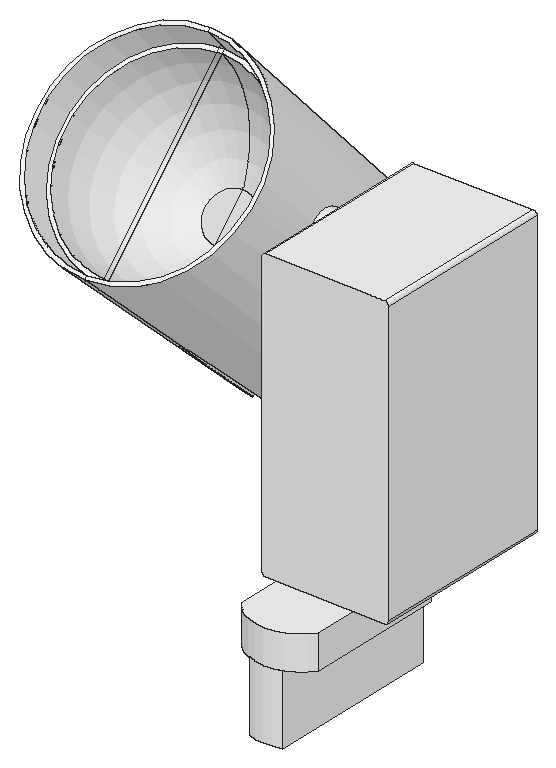
Revit family "0004933 Feilo Sylvania Lighting Fixture START TRACK SPOT S DALI 2141LM 940 MB WHT", category Lighting Fixtures, host Face, Revit 2017 (continued)
Definition of nested family "Start Track Spot Head"
  Types (96, lengths in mm): name | Wattage | built-in parameter 1150134 | Photometric Web File | Model | built-in parameter 1150105 | Lumens | built-in parameter 1150107 | built-in parameter 1150106 | HeadThickness_FEILO | HeadRibOffset_FEILO | HeadRibDepth_FEILO | HeadRibCutWidth_FEILO | HeadRibCutOffset_FEILO | HeadReflectorRadius_FEILO | HeadReflectorOffset_FEILO | HeadLEDRadius_FEILO | HeadHeight_FEILO | HeadDiffusorOffset_FEILO | HeadDiaOut_FEILO | HeadDiaIn_FEILO | HeadAxisFromTop_FEILO | Emit from Circle Diameter | built-in parameter 1150104 | Description | Apparent Load
    0004812 START TRACK SPOT S 14W 3K RA80 MB WHITE | 14 W | (empty or 0) | "0004812.ies" | "START TRACK SPOT S 14W 3K RA80 MB WHITE" | 120.32 (stored number, unit not read) | 1512 lm | 3000 (stored number, unit not read) | 1.2032 (stored number, unit not read) | 1.5 | 4.179 | 55.714 | 7.167 | 50.87 | 50.588 | 55.714 | 9.556 | 117 | 9.435 | 86 | 77.477 | 69.354 | 77.477 | 10.034 (stored number, unit not read) | "Integrated LED spotlight, Textured White - RAL9016, compact and minimalist design, ideal for retail applications, die-cast aluminium body, passive cooling heatsink. Beam angle: 36°, color temperature: 3000K , total system power: 14W, total fixture output: 1508 lm, LOR: 100%, colour rendering: Ra: 80 typical, LED Chromaticity: 3 step MacAdam ellipse, lifetime: >50000 hours at L70B50, energy class: A++, A+, A, IR/UV free light source without heat radiation, operating voltage: 220-240V / 50-60Hz, drive current: 350mA, electronic driver, non-dimmable, power factor: 0.92, electrical protection: Class II, Global Track 3 Phase adapter suitable for Global trac 3-circuit tracks, ingress protection rating: IP20, suitable for internal environment only, horizontal rotation: 355°, vertical tilt: 90°, dimensions: Ø86x140x200, weight: 0.940kg." | 14 VA
    0004811 START TRACK SPOT S 14W 3K RA80 NB WHITE | 14 W | (empty or 0) | "0004811.ies" | "START TRACK SPOT S 14W 3K RA80 NB WHITE" | 123.66 (stored number, unit not read) | 1554 lm | 3000 (stored number, unit not read) | 1.2366 (stored number, unit not read) | 1.5 | 4.179 | 55.714 | 7.167 | 50.87 | 50.588 | 55.714 | 9.556 | 117 | 9.435 | 86 | 77.477 | 69.354 | 77.477 | 10.312 (stored number, unit not read) | "Integrated LED spotlight, Textured White - RAL9016, compact and minimalist design, ideal for retail applications, die-cast aluminium body, passive cooling heatsink. Beam angle: 12°, color temperature: 3000K , total system power: 14W, total fixture output: 1551 lm, LOR: 100%, colour rendering: Ra: 80 typical, LED Chromaticity: 3 step MacAdam ellipse, lifetime: >50000 hours at L70B50, energy class: A++, A+, A, IR/UV free light source without heat radiation, operating voltage: 220-240V / 50-60Hz, drive current: 350mA, electronic driver, non-dimmable, power factor: 0.92, electrical protection: Class II, Global Track 3 Phase adapter suitable for Global trac 3-circuit tracks, ingress protection rating: IP20, suitable for internal environment only, horizontal rotation: 355°, vertical tilt: 90°, dimensions: Ø86x140x200, weight: 0.940kg." | 14 VA
  Reference planes
    plane 1 "Center (Front/Back)": y = 0
    plane 2: z = 0
    plane 3 "Center (Left/Right)": x = 0
    plane 4: x = 43
    plane 5: x = -43
    plane 6: x = -38.739
    plane 7: x = 38.739
    plane 8: z = 69.354
    plane 9: z = -47.646
    plane 10: x = -41.5
    plane 11: x = -37.239
    plane 12: z = -38.211
    plane 13: z = -35.211
    plane 14: z = 8.068
    plane 15: x = -9.556
    plane 16: x = -28.667
    plane 17: x = -19.111
    plane 18: x = -27.167
    plane 19: x = -17.611
    plane 20: x = -8.056
    plane 21: z = 13.64
    plane 22: x = -29.667
    plane 23: x = -26.167
    plane 24: x = -20.111
    plane 25: x = -16.611
    plane 26: x = -10.556
    plane 27: x = -7.056
    plane 28: x = -36.239
    plane 29: x = -40.5
    plane 30: z = 65.175
    plane 31: z = 60.997
    plane 32: z = 56.818
    plane 33: z = 18.484
    plane 34: y = -43
    plane 35: y = 43
    plane 36: y = 3.583
    plane 37: y = -3.583
    plane 38: y = -2.583
    plane 39: y = 2.583
    plane 40: y = 46
    plane 41: z = 13.5
    plane 42: z = -13.5
    plane 43: y = 39
    plane 44: x = 4.708
    plane 45: x = -2.458
    plane 46: x = -1.458
    plane 47: x = 1.458
  Forms (mm)
    Extrusion 1, solid
      sketch origin (4.2, 0, 0) x (1, 0, 0) y (0, 1, 0)
        loop
          line (-1219.2, 1219.2) -> (-1219.2, -1219.2) -> (1219.2, -1219.2) -> (1219.2, 1219.2) -> (-1219.2, 1219.2)
      from 0 to -68.017
    Revolve 2, solid, material <- "Material_1_FEILO", detail levels medium+fine
      sketch origin (0, 0, 0) x (1, 0, 0) y (0, 0, 1)
        loop
          line (-43, -47.646) -> (-41.5, -47.646) -> (-40.5, -35.211) -> (-38.739, -35.211)
          arc (-38.739, -35.211) -> (-30.16, -9.517) -> (-9.556, 8.068) r 50.588
          line (-9.556, 8.068) -> (0, 8.068) -> (0, 13.64) -> (-16.611, 13.64) -> (-17.611, 60.997) -> (-19.111, 60.997) -> (-20.111, 13.64) -> (-36.239, 13.64) -> (-37.239, 69.354) -> (-38.739, 69.354) -> (-43, -47.646)
        axis (0, 69.354) -> (0, -47.646)
      angle from 360 to 0
    Extrusion 3, void
      sketch origin (0, 0, 0) x (0, 1, 0) y (0, 0, 1)
        loop
          line (-3.583, 69.354) -> (-2.583, 18.484) -> (1.932, 18.484) -> (2.932, 69.354) -> (-3.583, 69.354)
      from 43 to -43
    Revolve 4, solid, material <- "Material_2_FEILO", detail levels medium+fine
      sketch origin (0, 0, 0) x (1, 0, 0) y (0, 0, 1)
        loop
          line (-41.5, -38.211) -> (0, -38.211) -> (0, -35.211) -> (-41.5, -35.211) -> (-41.5, -38.211)
        axis (0, -35.211) -> (0, -38.211)
      angle from 360 to 0
    Revolve 5, solid, material <- "Material_1_FEILO"
      sketch origin (0, 0, 0) x (0, 1, 0) y (0, 0, 1)
        loop
          line (46, 0) -> (39, 0) -> (39, -13.5) -> (46, -13.5) -> (46, 0)
        axis (39, 0) -> (46, 0)
      angle from 360 to 0
    Revolve 6, solid, material <- "Material_1_FEILO", detail levels medium+fine
      sketch origin (0, 0, 0) x (1, 0, 0) y (0, 0, 1)
        loop
          line (-29.667, 13.64) -> (-26.167, 13.64) -> (-27.167, 65.175) -> (-28.667, 65.175) -> (-29.667, 13.64)
        loop
          line (-10.556, 13.64) -> (-7.056, 13.64) -> (-7.833, 56.818) -> (-9.778, 56.818) -> (-10.556, 13.64)
        axis (0, 65.175) -> (0, 13.64)
      angle from 360 to 0
    Extrusion 7, void
      sketch origin (0, 0, 0) x (1, 0, 0) y (0, 0, 1)
        loop
          line (4.708, 69.354) -> (-2.458, 69.354) -> (-1.458, 13.64) -> (1.458, 13.64) -> (4.708, 69.354)
      from -43 to 43
    Revolve 8, solid, material <- "Material_1_FEILO", detail levels coarse
      sketch origin (0, 0, 0) x (1, 0, 0) y (0, 0, 1)
        loop
          line (0, 69.354) -> (-38.739, 69.354) -> (-43, -47.646) -> (-41.5, -47.646) -> (-40.731, -38.211) -> (0, -38.211) -> (0, 69.354)
        axis (0, 69.354) -> (0, -47.646)
      angle from 360 to 0
  Cuts and joins
    Extrusion 3 cuts Revolve 2
    Extrusion 7 cuts Revolve 6
  Dimensions and locks
    equal spacing: plane 7, plane 3 "Center (Left/Right)", plane 6
    equal spacing: plane 4, plane 3 "Center (Left/Right)", plane 5
    "HeadDiaOut_FEILO": plane 4 to plane 5
    "HeadDiaIn_FEILO": plane 7 to plane 6
    "HeadHeight_FEILO": plane 8 to plane 9
    "HeadThickness_FEILO": plane 10 to plane 5
    "HeadThickness_FEILO": plane 11 to plane 6
    "HeadDiffusorOffset_FEILO": plane 12 to plane 9
    "HeadDiffusorThickness_FEILO": plane 13 to plane 12
    "HeadReflectorOffset_FEILO": plane 14 to plane 9
    "HeadLEDRadius_FEILO": plane 3 "Center (Left/Right)" to plane 15
    "HeadLEDRadius_FEILO": plane 15 to plane 17
    "HeadLEDRadius_FEILO": plane 17 to plane 16
    "HeadThickness_FEILO": plane 18 to plane 16
    "HeadThickness_FEILO": plane 19 to plane 17
    "HeadThickness_FEILO": plane 20 to plane 15
    "HeadRibDepth_FEILO": plane 8 to plane 21
    "HeadDraft_FEILO": plane 16 to plane 22
    "HeadDraft_FEILO": plane 23 to plane 18
    "HeadDraft_FEILO": plane 17 to plane 24
    "HeadDraft_FEILO": plane 25 to plane 19
    "HeadDraft_FEILO": plane 15 to plane 26
    "HeadDraft_FEILO": plane 27 to plane 20
    "HeadDraft_FEILO": plane 29 to plane 10
    "HeadDraft_FEILO": plane 28 to plane 11
    "HeadRibOffset_FEILO": plane 8 to plane 30
    "HeadRibOffset_FEILO": plane 30 to plane 31
    "HeadRibOffset_FEILO": plane 31 to plane 32
    "HeadAxisFromTop_FEILO": plane 8 to plane 2
    "HeadRibCutOffset_FEILO": plane 8 to plane 33
    equal spacing: plane 34, plane 1 "Center (Front/Back)", plane 35
    "HeadDiaOut_FEILO": plane 34 to plane 35
    equal spacing: plane 38, plane 1 "Center (Front/Back)", plane 39
    equal spacing: plane 37, plane 1 "Center (Front/Back)", plane 36
    "HeadRibCutWidth_FEILO": plane 37 to plane 36
    "HeadDraft_FEILO": plane 37 to plane 38
    locked: plane 35 to plane 40 at 3
    equal spacing: plane 41, plane 2, plane 42
    locked: plane 42 to plane 41 at 27
    locked: plane 43 to plane 35 at 4
    equal spacing: plane 45, imposter light, plane 44
    "HeadDraft_FEILO": plane 46 to plane 45
    "HeadRibCutWidth_FEILO": plane 44 to plane 45
    equal spacing: plane 47, plane 3 "Center (Left/Right)", plane 46
    "HeadReflectorRadius_FEILO": radius of Revolve 2 sketch curve
    aligned and locked: plane 2 to Extrusion 1
    aligned and locked: level to Extrusion 1
    aligned and locked: Revolve 2 sketch curve to plane 3 "Center (Left/Right)"  (x2)
    aligned and locked: plane 9 to Revolve 2 sketch curve  (x2)
    aligned and locked: plane 5 to Revolve 2 sketch curve
    aligned and locked: plane 10 to Revolve 2 sketch curve
    aligned and locked: plane 14 to Revolve 2 sketch curve
    aligned and locked: plane 8 to Revolve 2 sketch curve
    aligned and locked: Revolve 2 sketch curve to plane 13
    aligned and locked: plane 12 to Revolve 4 sketch curve
    aligned and locked: plane 3 "Center (Left/Right)" to Revolve 4 sketch curve
    aligned and locked: Revolve 4 sketch curve to plane 10
    aligned and locked: Revolve 4 sketch curve to plane 3 "Center (Left/Right)"
    aligned and locked: plane 12 to imposter light
    aligned and locked: imposter light to plane 1 "Center (Front/Back)"
    aligned and locked: Revolve 5 sketch curve to plane 2
    aligned and locked: plane 43 to Revolve 5 sketch curve
    aligned and locked: plane 42 to Revolve 5 sketch curve
    aligned and locked: Revolve 6 sketch curve to plane 3 "Center (Left/Right)"
    aligned and locked: plane 22 to Revolve 6 sketch curve
    aligned and locked: plane 30 to Revolve 6 sketch curve
    aligned and locked: plane 23 to Revolve 6 sketch curve
    aligned and locked: Revolve 6 sketch curve to plane 21  (x2)
    aligned and locked: plane 21 to Revolve 6 sketch curve
    aligned and locked: plane 17 to Revolve 2 sketch curve
    aligned and locked: plane 19 to Revolve 2 sketch curve
    aligned and locked: plane 31 to Revolve 2 sketch curve
    aligned and locked: plane 21 to Revolve 2 sketch curve
    aligned and locked: Extrusion 3 to plane 8
    aligned and locked: plane 33 to Extrusion 3
    aligned and locked: plane 8 to Extrusion 3 sketch curve
    aligned and locked: Extrusion 3 sketch curve to plane 33
    aligned and locked: Extrusion 3 to plane 5
    aligned and locked: plane 4 to Extrusion 3
    aligned and locked: plane 32 to Revolve 6 sketch curve
    aligned and locked: plane 44 to Extrusion 7 sketch curve
    aligned and locked: Extrusion 7 sketch curve to plane 8
    aligned and locked: plane 46 to Extrusion 7 sketch curve
    aligned and locked: plane 21 to Extrusion 7 sketch curve
    aligned and locked: plane 34 to Extrusion 7
    aligned and locked: Extrusion 7 to plane 35
    aligned and locked: Revolve 4 sketch curve to plane 13
    aligned and locked: Revolve 5 sketch curve to plane 40
    aligned and locked: Revolve 8 sketch curve to plane 3 "Center (Left/Right)"
    aligned and locked: Revolve 8 sketch curve to cut or joined group of Revolve 2, Extrusion 3  (x3)
    aligned and locked: plane 5 to Revolve 8 sketch curve
    aligned and locked: plane 3 "Center (Left/Right)" to Revolve 8 sketch curve
    aligned and locked: plane 12 to Revolve 8 sketch curve
  Automatic sketch dimensions
    Extrusion 1 sketch curve to Extrusion 1 sketch curve = 2438.4 mm  (x2)
    Extrusion 3 sketch curve to plane 37 = 0 mm
    Extrusion 3 sketch curve to plane 38 = 0 mm
    plane 39 to Extrusion 3 sketch curve = 0.651 mm
    Extrusion 3 sketch curve to plane 39 = 0.349 mm
    Revolve 6 sketch curve to plane 16 = 0 mm
    Revolve 6 sketch curve to plane 18 = 0 mm
    Revolve 6 sketch curve to plane 26 = 0 mm
    Revolve 6 sketch curve to plane 27 = 0 mm
    Revolve 6 sketch curve to plane 15 = 0.222 mm
    plane 9 to Revolve 6 sketch curve = 559.103 mm
    Revolve 6 sketch curve to plane 8 = 2535.555 mm
    plane 20 to Revolve 6 sketch curve = 0.222 mm
    Revolve 2 sketch curve to plane 29 = 0 mm
    Revolve 2 sketch curve to plane 6 = 0 mm  (x2)
    Revolve 2 sketch curve to plane 11 = 0 mm
    Revolve 2 sketch curve to plane 21 = 0 mm
    Revolve 2 sketch curve to plane 28 = 0 mm
    Revolve 2 sketch curve to plane 24 = 0 mm
    Revolve 2 sketch curve to plane 25 = 0 mm
    Revolve 2 sketch curve to plane 15 = 0 mm
    Revolve 2 sketch curve to Revolve 2 sketch curve = 557.155 mm
    Revolve 2 sketch curve to plane 8 = 2535.558 mm
    Extrusion 7 sketch curve to plane 45 = 0 mm
    Extrusion 7 sketch curve to plane 47 = 0 mm
    plane 9 to Revolve 4 sketch curve = 559.103 mm
    Revolve 4 sketch curve to plane 8 = 2535.555 mm
    Revolve 5 sketch curve to level = 0 mm
    plane 34 to Revolve 5 sketch curve = 1968.092 mm
    Revolve 5 sketch curve to plane 40 = 1405.763 mm
    Revolve 8 sketch curve to plane 6 = 0 mm
    Revolve 8 sketch curve to plane 29 = 0.231 mm
    plane 9 to Revolve 8 sketch curve = 559.103 mm
    Revolve 8 sketch curve to Revolve 8 sketch curve = 2535.555 mm
Definition of nested family "Start Track Spot Box"
  Parameters (values of type "Type Large White")
    URL = "http://www.feilosylvania.com"
    Type Image = (empty or 0)
    Type Comments = "n/a"
    Small_FEILO = no
    Material_3_FEILO = none
    Model = ""
    Manufacturer = "Feilo Sylvania"
    Keynote = ""
    Material_2_FEILO = none
    Description = ""
    Default Elevation = 1219.2 mm
    Cost = 0
    Material_1_FEILO = none
    BoxWidth_FEILO = 49 mm
    BoxStartAngle_FEILO [instance] = 0.00°
    BoxRadius_FEILO = 1.5 mm
    BoxHeight_FEILO = if(Small_FEILO, 112 mm, 136 mm)  # 136 mm
    BoxEndAngle_FEILO [instance] = BoxStartAngle_FEILO - 180.00°  # -180.00°
    BoxDepth_FEILO = if(Small_FEILO, 71.5 mm, 79 mm)  # 79 mm
    BoxAxisVerticalOffset_FEILO = 16 mm
    BoxAxisOffset_FEILO = BoxHeight_FEILO / 6.8  # 20 mm
    Assembly Code = ""
    Material_4_FEILO = none
  Types (4, lengths in mm): name | Small_FEILO | BoxHeight_FEILO | BoxDepth_FEILO | BoxAxisOffset_FEILO
    Type Large White | no | 136 | 79 | 20
    Type Small White | yes | 112 | 71.5 | 16.471
    Type Small Black | yes | 112 | 71.5 | 16.471
    Type Large Black | no | 136 | 79 | 20
  Reference planes
    plane 1 "Center (Front/Back)": y = 0
    plane 2: z = 0
    plane 3 "Center (Left/Right)": x = 0
    plane 4: x = 24.5
    plane 5: x = -24.5
    plane 6: y = 68
    plane 7: y = -68
    plane 8: z = 39.5
    plane 9: z = -39.5
    plane 10: y = -48
    plane 11: x = 30.5
    plane 12: x = 8.5
    plane 13: x = 21.5
    plane 14: y = 70
    plane 15: y = 72
    plane 16: x = 19.5
  Forms (mm)
    Extrusion 1, solid
      sketch origin (4.2, 0, 0) x (1, 0, 0) y (0, 1, 0)
        loop
          line (-1219.2, 1219.2) -> (-1219.2, -1219.2) -> (1219.2, -1219.2) -> (1219.2, 1219.2) -> (-1219.2, 1219.2)
      from 0 to -68.017
    Extrusion 2, solid, material <- "Material_1_FEILO"
      sketch origin (0, 0, 0) x (1, 0, 0) y (0, 1, 0)
        loop
          arc (-23, 68) -> (-24.061, 67.561) -> (-24.5, 66.5) r 1.5
          line (-24.5, 66.5) -> (-24.5, -66.5)
          arc (-24.5, -66.5) -> (-24.061, -67.561) -> (-23, -68) r 1.5
          line (-23, -68) -> (23, -68)
          arc (23, -68) -> (24.061, -67.561) -> (24.5, -66.5) r 1.5
          line (24.5, -66.5) -> (24.5, 66.5)
          arc (24.5, 66.5) -> (24.061, 67.561) -> (23, 68) r 1.5
          line (23, 68) -> (-23, 68)
      from -39.5 to 39.5
    Revolve 3, solid, not visible
      sketch origin (0, 0, 0) x (1, 0, 0) y (0, 1, 0)
        loop
          line (30.5, -48) -> (24.5, -48) -> (24.5, -68) -> (30.5, -68) -> (30.5, -48)
        axis (30.5, -48) -> (24.5, -48)
      angle from 0 <- "BoxStartAngle_FEILO" to -180 <- "BoxEndAngle_FEILO"
    Revolve 4, solid, material <- "Material_2_FEILO"
      sketch origin (0, 0, 0) x (1, 0, 0) y (0, 1, 0)
        loop
          line (8.5, 68) -> (19.5, 68) -> (19.5, 70) -> (21.5, 70) -> (21.5, 72) -> (8.5, 72) -> (8.5, 68)
        axis (8.5, 72) -> (8.5, 68)
      angle from 360 to 0
  Dimensions and locks
    equal spacing: plane 5, plane 3 "Center (Left/Right)", plane 4
    "BoxWidth_FEILO": plane 5 to plane 4
    equal spacing: plane 7, plane 1 "Center (Front/Back)", plane 6
    "BoxHeight_FEILO": plane 7 to plane 6
    equal spacing: plane 8, plane 2, plane 9
    "BoxDepth_FEILO": plane 8 to plane 9
    "BoxAxisOffset_FEILO": plane 7 to plane 10
    locked: plane 4 to plane 11 at 6
    "BoxAxisVerticalOffset_FEILO": plane 12 to plane 4
    locked: plane 12 to plane 13 at 13
    plane 6 to plane 14 to plane 15 = 2 mm locked, 2 mm locked
    locked: plane 12 to plane 16 at 11
    "BoxRadius_FEILO": radius of Extrusion 2 sketch curve  (x4)
    aligned and locked: plane 2 to Extrusion 1
    aligned and locked: level to Extrusion 1
    aligned and locked: plane 6 to Extrusion 2 sketch curve
    aligned and locked: plane 5 to Extrusion 2 sketch curve
    aligned and locked: Extrusion 2 sketch curve to plane 7
    aligned and locked: Extrusion 2 sketch curve to plane 4
    aligned and locked: Extrusion 2 to plane 8
    aligned and locked: plane 9 to Extrusion 2
    aligned and locked: Revolve 3 sketch curve to plane 10  (x2)
    aligned and locked: plane 11 to Revolve 3 sketch curve
    aligned and locked: Revolve 3 sketch curve to plane 4
    aligned and locked: plane 7 to Revolve 3 sketch curve
    aligned and locked: Revolve 4 sketch curve to plane 12
    aligned and locked: plane 6 to Revolve 4 sketch curve
    aligned and locked: plane 12 to Revolve 4 sketch curve
    aligned and locked: plane 15 to Revolve 4 sketch curve
    aligned and locked: Revolve 4 sketch curve to plane 13
    aligned and locked: Revolve 4 sketch curve to plane 14
    aligned and locked: Revolve 4 sketch curve to plane 16
    aligned and locked: Revolve 4 sketch curve to plane 6
  Automatic sketch dimensions
    Extrusion 1 sketch curve to Extrusion 1 sketch curve = 2438.4 mm  (x2)
    Revolve 3 sketch curve to plane 5 = 1499.5 mm
    plane 11 to Revolve 3 sketch curve = 1493.5 mm
    plane 15 to Revolve 4 sketch curve = 0 mm
    plane 7 to Revolve 4 sketch curve = 1456 mm
    Revolve 4 sketch curve to plane 15 = 1452 mm
